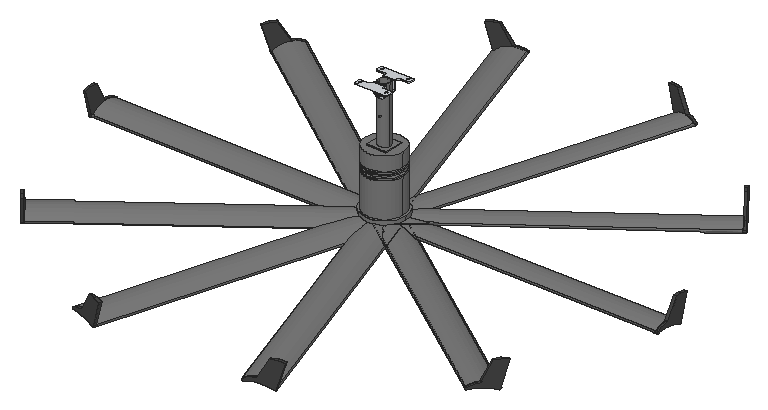
Revit family
Reference planes (in)
  plane 1 "Center (Front/Back)": y = 58.69434
  plane 2: z = 0
  plane 3 "Center (Left/Right)": x = 0.4705
Forms (in)
  Extrusion 1, solid, material "Metal - Chrome"
    sketch origin (0.46954, 58.66987, -78.65874) x (1, 0, 0) y (0, 1, 0)
      loop
        circle (0, 0) r 5
    from 50.92047 to 51.1388
  Extrusion 2, solid, material "Metal - Chrome"
    sketch origin (0.46954, 58.66987, -76.31051) x (1, 0, 0) y (0, 1, 0)
      loop
        circle (0, 0) r 1.20357
      loop
        circle (0, 0) r 1.09061
    from 64.30115 to 76.31051
  Extrusion 3, solid, material "Metal - Chrome"
    sketch origin (-3.65812, 26.14107, -76.18551) x (-0.007506, -0.999972, 0) y (0, 0, 1)
      loop
        arc (-29.27109, 49.75227) -> (-29.04889, 49.89467) -> (-29.10156, 50.15328) r 0.23339
        arc (-29.10156, 50.15328) -> (-31.98284, 51.54192) -> (-35.12337, 50.93595) r 5.08611
        arc (-35.12337, 50.93595) -> (-35.22188, 50.63788) -> (-34.93368, 50.51341) r 0.23249
        arc (-34.93368, 50.51341) -> (-32.0514, 50.51215) -> (-29.27109, 49.75227) r 10.85332
    from -1.94118 to 55.63939
  Extrusion 4, solid, material "Plastic - Blue"
    sketch origin (-3.17342, 58.88993, -76.18551) x (0, -1, 0) y (0, 0, 1)
      loop
        arc (-0.3092, 51.58434) -> (-1.59328, 51.41957) -> (-2.79418, 50.93595) r 5.08611
        arc (-2.79418, 50.93595) -> (-2.89269, 50.63788) -> (-2.60449, 50.51341) r 0.23249
        arc (-2.60449, 50.51341) -> (0.27779, 50.51215) -> (3.0581, 49.75227) r 10.85332
        arc (3.0581, 49.75227) -> (3.26634, 49.89548) -> (3.23488, 50.14624) r 0.24312
        line (3.23488, 50.14624) -> (4.75383, 55.21166) -> (3.3764, 55.49486) -> (2.02217, 55.47451) -> (-0.3092, 51.58434)
    from 55.85915 to 56.40927
  Extrusion 5, solid, material "Metal - Chrome"
    sketch origin (-21.95607, 34.73921, -76.18551) x (-0.592633, -0.805473, 0) y (0, 0, 1)
      loop
        arc (-29.27109, 49.75227) -> (-29.04889, 49.89467) -> (-29.10156, 50.15328) r 0.23339
        arc (-29.10156, 50.15328) -> (-31.98284, 51.54192) -> (-35.12337, 50.93595) r 5.08611
        arc (-35.12337, 50.93595) -> (-35.22188, 50.63788) -> (-34.93368, 50.51341) r 0.23249
        arc (-34.93368, 50.51341) -> (-32.0514, 50.51215) -> (-29.27109, 49.75227) r 10.85332
    from -1.94118 to 55.63939
  Extrusion 6, solid, material "Plastic - Blue"
    sketch origin (-2.35401, 60.97815, -76.18551) x (-0.58657, -0.809898, 0) y (0, 0, 1)
      loop
        arc (-0.3092, 51.58434) -> (-1.59328, 51.41957) -> (-2.79418, 50.93595) r 5.08611
        arc (-2.79418, 50.93595) -> (-2.89269, 50.63788) -> (-2.60449, 50.51341) r 0.23249
        arc (-2.60449, 50.51341) -> (0.27779, 50.51215) -> (3.0581, 49.75227) r 10.85332
        arc (3.0581, 49.75227) -> (3.26634, 49.89548) -> (3.23488, 50.14624) r 0.24312
        line (3.23488, 50.14624) -> (4.75383, 55.21166) -> (3.3764, 55.49486) -> (2.02217, 55.47451) -> (-0.3092, 51.58434)
    from 55.85915 to 56.40927
  Extrusion 7, solid, material "Metal - Chrome"
    sketch origin (-31.73214, 52.43586, -76.18551) x (-0.952439, -0.304731, 0) y (0, 0, 1)
      loop
        arc (-29.27109, 49.75227) -> (-29.04889, 49.89467) -> (-29.10156, 50.15328) r 0.23339
        arc (-29.10156, 50.15328) -> (-31.98284, 51.54192) -> (-35.12337, 50.93595) r 5.08611
        arc (-35.12337, 50.93595) -> (-35.22188, 50.63788) -> (-34.93368, 50.51341) r 0.23249
        arc (-34.93368, 50.51341) -> (-32.0514, 50.51215) -> (-29.27109, 49.75227) r 10.85332
    from -1.94118 to 55.63939
  Extrusion 8, solid, material "Plastic - Blue"
    sketch origin (-0.46548, 62.18875, -76.18551) x (-0.950124, -0.311871, 0) y (0, 0, 1)
      loop
        arc (-0.3092, 51.58434) -> (-1.59328, 51.41957) -> (-2.79418, 50.93595) r 5.08611
        arc (-2.79418, 50.93595) -> (-2.89269, 50.63788) -> (-2.60449, 50.51341) r 0.23249
        arc (-2.60449, 50.51341) -> (0.27779, 50.51215) -> (3.0581, 49.75227) r 10.85332
        arc (3.0581, 49.75227) -> (3.26634, 49.89548) -> (3.23488, 50.14624) r 0.24312
        line (3.23488, 50.14624) -> (4.75383, 55.21166) -> (3.3764, 55.49486) -> (2.02217, 55.47451) -> (-0.3092, 51.58434)
    from 55.85915 to 56.40927
  Extrusion 9, solid, material "Metal - Chrome"
    sketch origin (-29.26944, 72.5027, -76.18551) x (-0.950124, 0.311871, 0) y (0, 0, 1)
      loop
        arc (-29.27109, 49.75227) -> (-29.04889, 49.89467) -> (-29.10156, 50.15328) r 0.23339
        arc (-29.10156, 50.15328) -> (-31.98284, 51.54192) -> (-35.12337, 50.93595) r 5.08611
        arc (-35.12337, 50.93595) -> (-35.22188, 50.63788) -> (-34.93368, 50.51341) r 0.23249
        arc (-34.93368, 50.51341) -> (-32.0514, 50.51215) -> (-29.27109, 49.75227) r 10.85332
    from -1.94118 to 55.63939
  Extrusion 10, solid, material "Plastic - Blue"
    sketch origin (1.77414, 62.06146, -76.18551) x (-0.952439, 0.304731, 0) y (0, 0, 1)
      loop
        arc (-0.3092, 51.58434) -> (-1.59328, 51.41957) -> (-2.79418, 50.93595) r 5.08611
        arc (-2.79418, 50.93595) -> (-2.89269, 50.63788) -> (-2.60449, 50.51341) r 0.23249
        arc (-2.60449, 50.51341) -> (0.27779, 50.51215) -> (3.0581, 49.75227) r 10.85332
        arc (3.0581, 49.75227) -> (3.26634, 49.89548) -> (3.23488, 50.14624) r 0.24312
        line (3.23488, 50.14624) -> (4.75383, 55.21166) -> (3.3764, 55.49486) -> (2.02217, 55.47451) -> (-0.3092, 51.58434)
    from 55.85915 to 56.40927
  Extrusion 11, solid, material "Metal - Chrome"
    sketch origin (-15.50429, 87.31026, -76.18551) x (-0.58657, 0.809898, 0) y (0, 0, 1)
      loop
        arc (-29.27109, 49.75227) -> (-29.04889, 49.89467) -> (-29.10156, 50.15328) r 0.23339
        arc (-29.10156, 50.15328) -> (-31.98284, 51.54192) -> (-35.12337, 50.93595) r 5.08611
        arc (-35.12337, 50.93595) -> (-35.22188, 50.63788) -> (-34.93368, 50.51341) r 0.23249
        arc (-34.93368, 50.51341) -> (-32.0514, 50.51215) -> (-29.27109, 49.75227) r 10.85332
    from -1.94118 to 55.63939
  Extrusion 12, solid, material "Plastic - Blue"
    sketch origin (3.51334, 60.64468, -76.18551) x (-0.592633, 0.805473, 0) y (0, 0, 1)
      loop
        arc (-0.3092, 51.58434) -> (-1.59328, 51.41957) -> (-2.79418, 50.93595) r 5.08611
        arc (-2.79418, 50.93595) -> (-2.89269, 50.63788) -> (-2.60449, 50.51341) r 0.23249
        arc (-2.60449, 50.51341) -> (0.27779, 50.51215) -> (3.0581, 49.75227) r 10.85332
        arc (3.0581, 49.75227) -> (3.26634, 49.89548) -> (3.23488, 50.14624) r 0.24312
        line (3.23488, 50.14624) -> (4.75383, 55.21166) -> (3.3764, 55.49486) -> (2.02217, 55.47451) -> (-0.3092, 51.58434)
    from 55.85915 to 56.40927
  Extrusion 13, solid, material "Metal - Chrome"
    sketch origin (4.32975, 91.22865, -76.18551) x (0, 1, 0) y (0, 0, 1)
      loop
        arc (-29.27109, 49.75227) -> (-29.04889, 49.89467) -> (-29.10156, 50.15328) r 0.23339
        arc (-29.10156, 50.15328) -> (-31.98284, 51.54192) -> (-35.12337, 50.93595) r 5.08611
        arc (-35.12337, 50.93595) -> (-35.22188, 50.63788) -> (-34.93368, 50.51341) r 0.23249
        arc (-34.93368, 50.51341) -> (-32.0514, 50.51215) -> (-29.27109, 49.75227) r 10.85332
    from -1.94118 to 55.63939
  Extrusion 14, solid, material "Plastic - Blue"
    sketch origin (4.09087, 58.47707, -76.18551) x (-0.007506, 0.999972, 0) y (0, 0, 1)
      loop
        arc (-0.3092, 51.58434) -> (-1.59328, 51.41957) -> (-2.79418, 50.93595) r 5.08611
        arc (-2.79418, 50.93595) -> (-2.89269, 50.63788) -> (-2.60449, 50.51341) r 0.23249
        arc (-2.60449, 50.51341) -> (0.27779, 50.51215) -> (3.0581, 49.75227) r 10.85332
        arc (3.0581, 49.75227) -> (3.26634, 49.89548) -> (3.23488, 50.14624) r 0.24312
        line (3.23488, 50.14624) -> (4.75383, 55.21166) -> (3.3764, 55.49486) -> (2.02217, 55.47451) -> (-0.3092, 51.58434)
    from 55.85915 to 56.40927
  Extrusion 15, solid, material "Metal - Chrome"
    sketch origin (22.69172, 82.76809, -76.18551) x (0.58657, 0.809898, 0) y (0, 0, 1)
      loop
        arc (-29.27109, 49.75227) -> (-29.04889, 49.89467) -> (-29.10156, 50.15328) r 0.23339
        arc (-29.10156, 50.15328) -> (-31.98284, 51.54192) -> (-35.12337, 50.93595) r 5.08611
        arc (-35.12337, 50.93595) -> (-35.22188, 50.63788) -> (-34.93368, 50.51341) r 0.23249
        arc (-34.93368, 50.51341) -> (-32.0514, 50.51215) -> (-29.27109, 49.75227) r 10.85332
    from -1.94118 to 55.63939
  Extrusion 16, solid, material "Plastic - Blue"
    sketch origin (3.28715, 56.38276, -76.18551) x (0.580475, 0.814278, 0) y (0, 0, 1)
      loop
        arc (-0.3092, 51.58434) -> (-1.59328, 51.41957) -> (-2.79418, 50.93595) r 5.08611
        arc (-2.79418, 50.93595) -> (-2.89269, 50.63788) -> (-2.60449, 50.51341) r 0.23249
        arc (-2.60449, 50.51341) -> (0.27779, 50.51215) -> (3.0581, 49.75227) r 10.85332
        arc (3.0581, 49.75227) -> (3.26634, 49.89548) -> (3.23488, 50.14624) r 0.24312
        line (3.23488, 50.14624) -> (4.75383, 55.21166) -> (3.3764, 55.49486) -> (2.02217, 55.47451) -> (-0.3092, 51.58434)
    from 55.85915 to 56.40927
  Extrusion 17, solid, material "Metal - Chrome"
    sketch origin (32.60034, 65.14532, -76.18551) x (0.950124, 0.311871, 0) y (0, 0, 1)
      loop
        arc (-29.27109, 49.75227) -> (-29.04889, 49.89467) -> (-29.10156, 50.15328) r 0.23339
        arc (-29.10156, 50.15328) -> (-31.98284, 51.54192) -> (-35.12337, 50.93595) r 5.08611
        arc (-35.12337, 50.93595) -> (-35.22188, 50.63788) -> (-34.93368, 50.51341) r 0.23249
        arc (-34.93368, 50.51341) -> (-32.0514, 50.51215) -> (-29.27109, 49.75227) r 10.85332
    from -1.94118 to 55.63939
  Extrusion 18, solid, material "Plastic - Blue"
    sketch origin (1.40777, 55.15801, -76.18551) x (0.947757, 0.318994, 0) y (0, 0, 1)
      loop
        arc (-0.3092, 51.58434) -> (-1.59328, 51.41957) -> (-2.79418, 50.93595) r 5.08611
        arc (-2.79418, 50.93595) -> (-2.89269, 50.63788) -> (-2.60449, 50.51341) r 0.23249
        arc (-2.60449, 50.51341) -> (0.27779, 50.51215) -> (3.0581, 49.75227) r 10.85332
        arc (3.0581, 49.75227) -> (3.26634, 49.89548) -> (3.23488, 50.14624) r 0.24312
        line (3.23488, 50.14624) -> (4.75383, 55.21166) -> (3.3764, 55.49486) -> (2.02217, 55.47451) -> (-0.3092, 51.58434)
    from 55.85915 to 56.40927
  Extrusion 19, solid, material "Metal - Chrome"
    sketch origin (30.28833, 45.06056, -76.18551) x (0.952439, -0.304731, 0) y (0, 0, 1)
      loop
        arc (-29.27109, 49.75227) -> (-29.04889, 49.89467) -> (-29.10156, 50.15328) r 0.23339
        arc (-29.10156, 50.15328) -> (-31.98284, 51.54192) -> (-35.12337, 50.93595) r 5.08611
        arc (-35.12337, 50.93595) -> (-35.22188, 50.63788) -> (-34.93368, 50.51341) r 0.23249
        arc (-34.93368, 50.51341) -> (-32.0514, 50.51215) -> (-29.27109, 49.75227) r 10.85332
    from -1.94118 to 55.63939
  Extrusion 20, solid, material "Plastic - Blue"
    sketch origin (-0.83274, 55.26849, -76.18551) x (0.954699, -0.297573, 0) y (0, 0, 1)
      loop
        arc (-0.3092, 51.58434) -> (-1.59328, 51.41957) -> (-2.79418, 50.93595) r 5.08611
        arc (-2.79418, 50.93595) -> (-2.89269, 50.63788) -> (-2.60449, 50.51341) r 0.23249
        arc (-2.60449, 50.51341) -> (0.27779, 50.51215) -> (3.0581, 49.75227) r 10.85332
        arc (3.0581, 49.75227) -> (3.26634, 49.89548) -> (3.23488, 50.14624) r 0.24312
        line (3.23488, 50.14624) -> (4.75383, 55.21166) -> (3.3764, 55.49486) -> (2.02217, 55.47451) -> (-0.3092, 51.58434)
    from 55.85915 to 56.40927
  Extrusion 21, solid, material "Metal - Chrome"
    sketch origin (16.63471, 30.1501, -76.18551) x (0.592633, -0.805473, 0) y (0, 0, 1)
      loop
        arc (-29.27109, 49.75227) -> (-29.04889, 49.89467) -> (-29.10156, 50.15328) r 0.23339
        arc (-29.10156, 50.15328) -> (-31.98284, 51.54192) -> (-35.12337, 50.93595) r 5.08611
        arc (-35.12337, 50.93595) -> (-35.22188, 50.63788) -> (-34.93368, 50.51341) r 0.23249
        arc (-34.93368, 50.51341) -> (-32.0514, 50.51215) -> (-29.27109, 49.75227) r 10.85332
    from -1.94118 to 55.63939
  Extrusion 22, solid, material "Plastic - Blue"
    sketch origin (-2.58253, 56.67218, -76.18551) x (0.598662, -0.801002, 0) y (0, 0, 1)
      loop
        arc (-0.3092, 51.58434) -> (-1.59328, 51.41957) -> (-2.79418, 50.93595) r 5.08611
        arc (-2.79418, 50.93595) -> (-2.89269, 50.63788) -> (-2.60449, 50.51341) r 0.23249
        arc (-2.60449, 50.51341) -> (0.27779, 50.51215) -> (3.0581, 49.75227) r 10.85332
        arc (3.0581, 49.75227) -> (3.26634, 49.89548) -> (3.23488, 50.14624) r 0.24312
        line (3.23488, 50.14624) -> (4.75383, 55.21166) -> (3.3764, 55.49486) -> (2.02217, 55.47451) -> (-0.3092, 51.58434)
    from 55.85915 to 56.40927
  Extrusion 23, solid, material "Metal - Chrome"
    sketch origin (0.46954, 58.66987, -76.92982) x (1, 0, 0) y (0, 1, 0)
      loop
        circle (0, 0) r 4.5
    from 50.49659 to 52.92047
  Extrusion 24, solid, material "Metal - Chrome"
    sketch origin (0.46954, 58.66987, -74.50594) x (1, 0, 0) y (0, 1, 0)
      loop
        circle (0, 0) r 4
    from 50.49659 to 57.75621
  Extrusion 25, solid, material "Metal - Chrome"
    sketch origin (0.46954, 58.66987, -65.25594) x (1, 0, 0) y (0, 1, 0)
      loop
        circle (0, 0) r 4
    from 50.33806 to 53.24659
  Extrusion 26, solid, material "Metal - Chrome"
    sketch origin (0.46954, 58.66987, -66.92001) x (1, 0, 0) y (0, 1, 0)
      loop
        circle (0, 0) r 4
    from 51.5429 to 51.74659
  Extrusion 27, solid, material "Metal - Chrome"
    sketch origin (0.46954, 58.66987, -67.43764) x (1, 0, 0) y (0, 1, 0)
      loop
        circle (0, 0) r 4
    from 51.5429 to 51.74659
  Extrusion 28, solid, material "Metal - Chrome"
    sketch origin (0.46954, 58.66987, -68.06549) x (1, 0, 0) y (0, 1, 0)
      loop
        circle (0, 0) r 4
    from 51.5429 to 51.74659
  Extrusion 29, solid, material "Metal - Chrome"
    sketch origin (0.46954, 58.66987, -78.18491) x (1, 0, 0) y (0, 1, 0)
      loop
        circle (0, 0) r 5
    from 50.92047 to 51.1388
  Extrusion 30, solid, material "Metal - Chrome"
    sketch origin (0.46954, 58.66987, -77.67982) x (1, 0, 0) y (0, 1, 0)
      loop
        circle (0, 0) r 5
    from 50.92047 to 51.1388
  Extrusion 31, solid, material "Metal - Chrome"
    sketch origin (-23.68407, 65.85948, -88.10077) x (1, 0, 0) y (0, 1, 0)
      loop
        line (22.15322, -5.18961) -> (22.15322, -9.18961) -> (26.15322, -9.18961) -> (26.15322, -5.18961) -> (22.15322, -5.18961)
    from 76.13088 to 76.30115
  Extrusion 32, solid, material "Metal - Chrome"
    sketch origin (0.4711, 58.69165, -90.92889) x (1, 0, 0) y (0, 0, 1)
      loop
        circle (0, 89.91168) r 0.25
    from -1.42832 to 1.40559
  Extrusion 33, solid, material "Metal - Chrome"
    sketch origin (0.5022, 58.69165, -92.0477) x (1, 0, 0) y (0, 0, 1)
      loop
        circle (-0.00534, 89.94336) r 0.20777
    from -1.42832 to 1.40559
  Extrusion 34, solid, material "Metal - Chrome"
    sketch origin (0.5022, 58.69165, -95.92104) x (1, 0, 0) y (0, 0, 1)
      loop
        circle (0, 89.91168) r 0.12543
    from -1.42832 to 1.40559
  Extrusion 35, solid, material "Metal - Chrome 2", not visible
    sketch origin (55.92457, 26.14107, 2.47323) x (-0.007506, -0.999972, 0) y (0, 0, 1)
      loop
        arc (-29.27109, 49.75227) -> (-29.04889, 49.89467) -> (-29.10156, 50.15328) r 0.23339
        arc (-29.10156, 50.15328) -> (-31.98284, 51.54192) -> (-35.12337, 50.93595) r 5.08611
        arc (-35.12337, 50.93595) -> (-35.22188, 50.63788) -> (-34.93368, 50.51341) r 0.23249
        arc (-34.93368, 50.51341) -> (-32.0514, 50.51215) -> (-29.27109, 49.75227) r 10.85332
    from -1.94118 to 55.63939
  Extrusion 36, solid, material "Metal - Chrome 3", not visible
    sketch origin (56.40927, 58.88993, 2.47323) x (0, -1, 0) y (0, 0, 1)
      loop
        arc (-0.3092, 51.58434) -> (-1.59328, 51.41957) -> (-2.79418, 50.93595) r 5.08611
        arc (-2.79418, 50.93595) -> (-2.89269, 50.63788) -> (-2.60449, 50.51341) r 0.23249
        arc (-2.60449, 50.51341) -> (0.27779, 50.51215) -> (3.0581, 49.75227) r 10.85332
        arc (3.0581, 49.75227) -> (3.26634, 49.89548) -> (3.23488, 50.14624) r 0.24312
        line (3.23488, 50.14624) -> (4.75383, 55.21166) -> (3.3764, 55.49486) -> (2.02217, 55.47451) -> (-0.3092, 51.58434)
    from 55.85915 to 56.40927
  Extrusion 37, solid
    sketch origin (10.62881, 55.86567, -0.12891) x (1, 0, 0) y (0, 1, 0)
      loop
        line (-13.66711, 6.19604) -> (-13.66711, 5.19604)
        arc (-13.66711, 5.19604) -> (-13.59389, 5.01927) -> (-13.41711, 4.94604) r 0.25
        line (-13.41711, 4.94604) -> (-11.87711, 4.94604)
        arc (-11.87711, 4.94604) -> (-11.52356, 4.7996) -> (-11.37711, 4.44604) r 0.5
        line (-11.37711, 4.44604) -> (-11.37711, 4.13604) -> (-8.95711, 4.13604) -> (-8.95711, 4.44604)
        arc (-8.95711, 4.44604) -> (-8.81067, 4.7996) -> (-8.45711, 4.94604) r 0.5
        line (-8.45711, 4.94604) -> (-6.91711, 4.94604)
        arc (-6.91711, 4.94604) -> (-6.74034, 5.01927) -> (-6.66711, 5.19604) r 0.25
        line (-6.66711, 5.19604) -> (-6.66711, 6.19604)
        arc (-6.66711, 6.19604) -> (-6.74034, 6.37282) -> (-6.91711, 6.44604) r 0.25
        line (-6.91711, 6.44604) -> (-13.41711, 6.44604)
        arc (-13.41711, 6.44604) -> (-13.59389, 6.37282) -> (-13.66711, 6.19604) r 0.25
      loop
        circle (-12.91711, 5.69604) r 0.22
      loop
        circle (-7.41711, 5.69604) r 0.22
    from 0 to 0.12891
  Extrusion 38, solid
    sketch origin (11.17915, 60.00172, -1.65615) x (1, 0, 0) y (0, 0, 1)
      loop
        line (-11.92746, 1.65615) -> (-11.92746, -0.37927)
        arc (-11.92746, -0.37927) -> (-10.71746, -0.99276) -> (-9.50746, -0.37927) r 1.5
        line (-9.50746, -0.37927) -> (-9.50746, 1.65615) -> (-11.92746, 1.65615)
      loop
        circle (-10.71746, 0.63615) r 0.25
      loop
        arc (-11.33618, 0.01743) -> (-11.63265, 0.03326) -> (-11.67997, -0.25985) r 0.2221
        arc (-11.67997, -0.25985) -> (-10.71746, -0.67885) -> (-9.75495, -0.25985) r 1.315
        arc (-9.75495, -0.25985) -> (-9.80226, 0.03326) -> (-10.09874, 0.01743) r 0.2221
        arc (-10.09874, 0.01743) -> (-10.71746, -0.23885) -> (-11.33618, 0.01743) r 0.875
    from 0 to 0.12891
  Extrusion 39, solid
    sketch origin (10.62881, 61.49995, -0.12891) x (1, 0, 0) y (0, 1, 0)
      loop
        arc (-13.66711, -6.19604) -> (-13.59389, -6.37282) -> (-13.41711, -6.44604) r 0.25
        line (-13.41711, -6.44604) -> (-6.91711, -6.44604)
        arc (-6.91711, -6.44604) -> (-6.74034, -6.37282) -> (-6.66711, -6.19604) r 0.25
        line (-6.66711, -6.19604) -> (-6.66711, -5.19604)
        arc (-6.66711, -5.19604) -> (-6.74034, -5.01927) -> (-6.91711, -4.94604) r 0.25
        line (-6.91711, -4.94604) -> (-8.45711, -4.94604)
        arc (-8.45711, -4.94604) -> (-8.81067, -4.7996) -> (-8.95711, -4.44604) r 0.5
        line (-8.95711, -4.44604) -> (-8.95711, -4.13604) -> (-11.37711, -4.13604) -> (-11.37711, -4.44604)
        arc (-11.37711, -4.44604) -> (-11.52356, -4.7996) -> (-11.87711, -4.94604) r 0.5
        line (-11.87711, -4.94604) -> (-13.41711, -4.94604)
        arc (-13.41711, -4.94604) -> (-13.59389, -5.01927) -> (-13.66711, -5.19604) r 0.25
        line (-13.66711, -5.19604) -> (-13.66711, -6.19604)
      loop
        circle (-12.91711, -5.69604) r 0.22
      loop
        circle (-7.41711, -5.69604) r 0.22
    from 0 to 0.12891
  Extrusion 40, solid
    sketch origin (11.17915, 57.36391, -1.65615) x (1, 0, 0) y (0, 0, -1)
      loop
        line (-11.92746, -1.65615) -> (-9.50746, -1.65615) -> (-9.50746, 0.37927)
        arc (-9.50746, 0.37927) -> (-10.71746, 0.99276) -> (-11.92746, 0.37927) r 1.5
        line (-11.92746, 0.37927) -> (-11.92746, -1.65615)
      loop
        circle (-10.71746, -0.63615) r 0.25
      loop
        arc (-11.33618, -0.01743) -> (-10.71746, 0.23885) -> (-10.09874, -0.01743) r 0.875
        arc (-10.09874, -0.01743) -> (-9.80226, -0.03326) -> (-9.75495, 0.25985) r 0.2221
        arc (-9.75495, 0.25985) -> (-10.71746, 0.67885) -> (-11.67997, 0.25985) r 1.315
        arc (-11.67997, 0.25985) -> (-11.63265, -0.03326) -> (-11.33618, -0.01743) r 0.2221
    from 0 to 0.12891
  Extrusion 41, solid, not visible
    sketch origin (0, 55.86567, -0.12891) x (1, 0, 0) y (0, 1, 0)
      loop
        line (-13.66711, 6.19604) -> (-13.66711, 5.19604)
        arc (-13.66711, 5.19604) -> (-13.59389, 5.01927) -> (-13.41711, 4.94604) r 0.25
        line (-13.41711, 4.94604) -> (-11.87711, 4.94604)
        arc (-11.87711, 4.94604) -> (-11.52356, 4.7996) -> (-11.37711, 4.44604) r 0.5
        line (-11.37711, 4.44604) -> (-11.37711, 4.13604) -> (-8.95711, 4.13604) -> (-8.95711, 4.44604)
        arc (-8.95711, 4.44604) -> (-8.81067, 4.7996) -> (-8.45711, 4.94604) r 0.5
        line (-8.45711, 4.94604) -> (-6.91711, 4.94604)
        arc (-6.91711, 4.94604) -> (-6.74034, 5.01927) -> (-6.66711, 5.19604) r 0.25
        line (-6.66711, 5.19604) -> (-6.66711, 6.19604)
        arc (-6.66711, 6.19604) -> (-6.74034, 6.37282) -> (-6.91711, 6.44604) r 0.25
        line (-6.91711, 6.44604) -> (-13.41711, 6.44604)
        arc (-13.41711, 6.44604) -> (-13.59389, 6.37282) -> (-13.66711, 6.19604) r 0.25
      loop
        circle (-12.91711, 5.69604) r 0.22
      loop
        circle (-7.41711, 5.69604) r 0.22
    from 0 to 0.12891
  Extrusion 42, solid, not visible
    sketch origin (0.55034, 60.00172, -1.65615) x (1, 0, 0) y (0, 0, 1)
      loop
        line (-11.92746, 1.65615) -> (-11.92746, -0.37927)
        arc (-11.92746, -0.37927) -> (-10.71746, -0.99276) -> (-9.50746, -0.37927) r 1.5
        line (-9.50746, -0.37927) -> (-9.50746, 1.65615) -> (-11.92746, 1.65615)
      loop
        circle (-10.71746, 0.63615) r 0.25
      loop
        arc (-11.33618, 0.01743) -> (-11.63265, 0.03326) -> (-11.67997, -0.25985) r 0.2221
        arc (-11.67997, -0.25985) -> (-10.71746, -0.67885) -> (-9.75495, -0.25985) r 1.315
        arc (-9.75495, -0.25985) -> (-9.80226, 0.03326) -> (-10.09874, 0.01743) r 0.2221
        arc (-10.09874, 0.01743) -> (-10.71746, -0.23885) -> (-11.33618, 0.01743) r 0.875
    from 0 to 0.12891
  Extrusion 43, solid, not visible
    sketch origin (0, 61.49995, -0.12891) x (1, 0, 0) y (0, 1, 0)
      loop
        arc (-13.66711, -6.19604) -> (-13.59389, -6.37282) -> (-13.41711, -6.44604) r 0.25
        line (-13.41711, -6.44604) -> (-6.91711, -6.44604)
        arc (-6.91711, -6.44604) -> (-6.74034, -6.37282) -> (-6.66711, -6.19604) r 0.25
        line (-6.66711, -6.19604) -> (-6.66711, -5.19604)
        arc (-6.66711, -5.19604) -> (-6.74034, -5.01927) -> (-6.91711, -4.94604) r 0.25
        line (-6.91711, -4.94604) -> (-8.45711, -4.94604)
        arc (-8.45711, -4.94604) -> (-8.81067, -4.7996) -> (-8.95711, -4.44604) r 0.5
        line (-8.95711, -4.44604) -> (-8.95711, -4.13604) -> (-11.37711, -4.13604) -> (-11.37711, -4.44604)
        arc (-11.37711, -4.44604) -> (-11.52356, -4.7996) -> (-11.87711, -4.94604) r 0.5
        line (-11.87711, -4.94604) -> (-13.41711, -4.94604)
        arc (-13.41711, -4.94604) -> (-13.59389, -5.01927) -> (-13.66711, -5.19604) r 0.25
        line (-13.66711, -5.19604) -> (-13.66711, -6.19604)
      loop
        circle (-12.91711, -5.69604) r 0.22
      loop
        circle (-7.41711, -5.69604) r 0.22
    from 0 to 0.12891
  Extrusion 44, solid, not visible
    sketch origin (0.55034, 57.36391, -1.65615) x (1, 0, 0) y (0, 0, -1)
      loop
        line (-11.92746, -1.65615) -> (-9.50746, -1.65615) -> (-9.50746, 0.37927)
        arc (-9.50746, 0.37927) -> (-10.71746, 0.99276) -> (-11.92746, 0.37927) r 1.5
        line (-11.92746, 0.37927) -> (-11.92746, -1.65615)
      loop
        circle (-10.71746, -0.63615) r 0.25
      loop
        arc (-11.33618, -0.01743) -> (-10.71746, 0.23885) -> (-10.09874, -0.01743) r 0.875
        arc (-10.09874, -0.01743) -> (-9.80226, -0.03326) -> (-9.75495, 0.25985) r 0.2221
        arc (-9.75495, 0.25985) -> (-10.71746, 0.67885) -> (-11.67997, 0.25985) r 1.315
        arc (-11.67997, 0.25985) -> (-11.63265, -0.03326) -> (-11.33618, -0.01743) r 0.2221
    from 0 to 0.12891
Dimensions and locks (in)
  aligned and locked: plane 2 to level
Connectors (in)
  electrical at (0.46954, 58.66987, 0)
    settings: on Extrusion 2, index 1, voltage 0 V, apparent load 0 VA, apparent load phase1 0 VA, apparent load phase2 0 VA, apparent load phase3 0 VA, power factor 1, load classification "Other", number of poles 1, system type 31, power factor state 1, is connector primary yes, connector utility no, sub classification motor no, connector description ""
